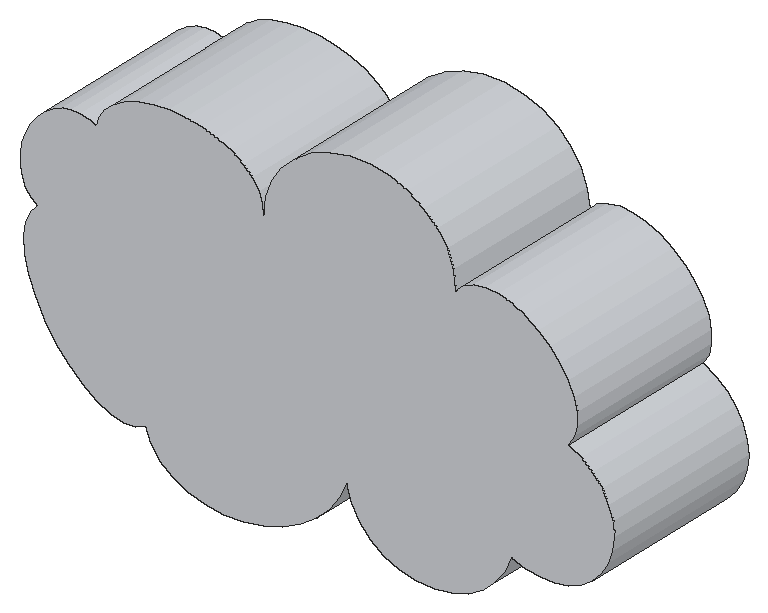
Revit family "CLOUD", category Generic Models, Revit 2020
Family settings
  Can host rebar = No
  Round Connector Dimension = Use Diameter
  Part Type = Normal
  Work Plane-Based = No
  Always vertical = Yes
  Cut with Voids When Loaded = No
  Shared = No
  Room Calculation Point = No
Parameters
  Default Elevation = 0 mm
Reference planes
  plane 1 "Center (Front/Back)": y = 0
  plane 2: z = 0
  plane 3 "Center (Left/Right)": x = 0
Forms (mm)
  Extrusion 1, solid
    sketch origin (0, 0, 0) x (1, 0, 0) y (0, 0, 1)
      loop
        spline (-510.418, 413.369) -> (-534.159, 426.438) -> (-561.658, 430.779) -> (-590.896, 426.075) -> (-619.725, 412.671) -> (-646.029, 391.552) -> (-667.876, 364.267) -> (-683.662, 332.82) -> (-692.228, 299.522) -> (-692.944, 266.816) -> (-685.759, 237.104) -> (-671.199, 212.569) -> (-650.334, 195.011)
        spline (-650.334, 195.011) -> (-671.7, 171.146) -> (-682.845, 135.913) -> (-683.01, 91.713) -> (-672.183, 41.559) -> (-651.102, -11.133) -> (-621.204, -62.771) -> (-584.527, -109.836) -> (-543.569, -149.12) -> (-501.122, -177.947) -> (-460.079, -194.352) -> (-423.236, -197.217) -> (-393.105, -186.346)
        spline (-393.105, -186.346) -> (-377.083, -224.1) -> (-349.438, -256.814) -> (-311.587, -282.81) -> (-265.474, -300.754) -> (-213.464, -309.725) -> (-158.225, -309.263) -> (-102.592, -299.393) -> (-49.418, -280.62) -> (-1.431, -253.907) -> (38.906, -220.625) -> (69.524, -182.482) -> (88.852, -141.434)
        spline (88.852, -141.434) -> (101.126, -180.645) -> (123.009, -216.407) -> (153.384, -246.89) -> (190.696, -270.537) -> (233.039, -286.14) -> (278.248, -292.9) -> (324.012, -290.472) -> (367.992, -278.98) -> (407.94, -259.011) -> (441.813, -231.587) -> (467.88, -198.108) -> (484.809, -160.288)
        spline (484.809, -160.288) -> (529.356, -175.398) -> (575.578, -179.581) -> (620.307, -172.553) -> (660.479, -154.794) -> (693.342, -127.52) -> (716.645, -92.601) -> (728.79, -52.428) -> (728.947, -9.754) -> (717.104, 32.497) -> (694.072, 71.431) -> (661.43, 104.38) -> (621.413, 129.087)
        spline (621.413, 129.087) -> (637.161, 156.551) -> (642.577, 190.191) -> (637.293, 227.715) -> (621.669, 266.564) -> (596.77, 304.093) -> (564.293, 337.743) -> (526.45, 365.221) -> (485.821, 384.655) -> (445.175, 394.72) -> (407.282, 394.73) -> (374.723, 384.685) -> (349.718, 365.269)
        spline (349.718, 365.269) -> (341.881, 417.016) -> (318.904, 465.237) -> (282.352, 506.645) -> (234.718, 538.418) -> (179.246, 558.392) -> (119.718, 565.205) -> (60.19, 558.392) -> (4.718, 538.418) -> (-42.917, 506.645) -> (-79.468, 465.237) -> (-102.445, 417.016) -> (-110.282, 365.269)
        spline (-110.282, 365.269) -> (-113.339, 397.018) -> (-129.89, 428.275) -> (-158.802, 456.898) -> (-198.093, 480.925) -> (-245.072, 498.711) -> (-296.519, 509.036) -> (-348.91, 511.193) -> (-398.655, 505.035) -> (-442.345, 490.983) -> (-476.988, 470) -> (-500.209, 443.524) -> (-510.418, 413.369)
    from -200 to 200
Dimensions and locks
  aligned and locked: plane 2 to level
